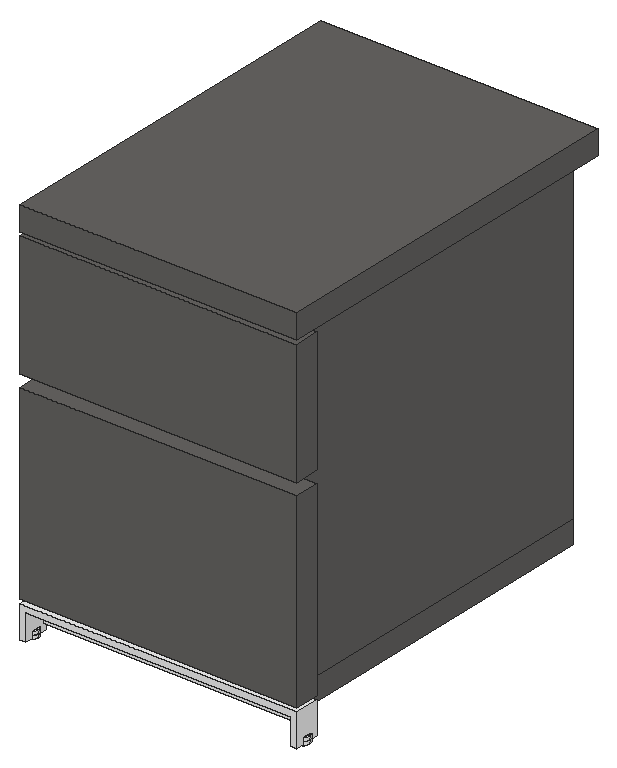
Revit family "Storage-Pedestal-Teknion-ZXFP-R2011", category Furniture Systems, Revit 2013
Parameters (values of type "24" x 18" x 25"")
  Width = 17.717"
  Warranty = "http://www.teknionstudio.com/pdfs/Teknion%20Studio%20Warranty.pdf"
  Unit Weight = 80.00 lbf
  Unit Finish [instance] = Veneer - Teknion - P7 - Grey Oak
  URL = "www.teknionstudio.com"
  Tabletop Cutout Offset = 0"
  Series = "B&B Italia"
  Product Page URL = "http://www.teknionstudio.com/acexecutive/"
  Product Line = "AC Executive"
  Product Documentation Link = "http://www.teknionstudio.com/pricing/ac_executive_ppg.pdf"
  Part Number = "ZXFP"
  Model = "ZXFP241825"
  Manufacturer Phone = "919-464-2920"
  Manufacturer Fax = "919-464-2927"
  Manufacturer Email = "customersupport@teknionstudio.com"
  Manufacturer Address = "3940 US 70 Business HWY West, Clayton, NC 27520"
  Manufacturer = "Teknion Studio"  # constant formula
  Low Emitting Material = yes
  Low Emitting Finish = yes
  Height = 24.96"
  Description = "Pedestal, 24\"d x 18\"w x 25\"h"
  Depth = 24"
  Assembly Code = "E2020200"
Reference planes (in)
  plane 1 "Center F/B": y = 0
  plane 2: z = 0
  plane 3 "Center L/R": x = 0
  plane 4 "Unit Left": x = -7.2835
  plane 5 "Unit Right": x = 7.2835
  plane 6 "Back": y = 12
  plane 7 "Front": y = -12
  plane 8 "Top": z = 24.96
  plane 9: z = 2.1289
  plane 10 "Foot Centerline": y = -11.2126
  plane 11 "Elevation": z = 12.77476
  plane 12: z = 23.42063
  plane 13 "Left": x = -8.8585
  plane 14 "Right": x = 8.8585
  plane 15: z = 24.96
Forms (in)
  Sweep 1, solid, material "Metal - Teknion - C6 - Chrome"
    path origin (0, -12, 0) x (1, 0, 0) y (0, 0, 1)
      loop
        line (8.8585, 0.05803) -> (8.8585, 2.1289) -> (-8.8585, 2.1289) -> (-8.8585, 0.05803)
    profile origin (0, -12, 2.1289) x (0, 0, -1) y (0, -1, 0)
      loop
        line (0, 0) -> (0, -1.5748) -> (0.394, -1.5748) -> (0.394, 0) -> (0, 0)
  Sweep 2, solid, material "Metal - Teknion - C6 - Chrome"
    path origin (0, -12, 0) x (1, 0, 0) y (0, 0, 1)
      loop
        line (-8.8585, 2.1289) -> (8.8585, 2.1289)
    profile origin (0, -12, 2.1289) x (0, 0, 1) y (0, -1, 0)
      loop
        line (-0.394, -1.5748) -> (-0.394, -1.3778) -> (-1.575, -1.3778) -> (-1.575, -1.5748) -> (-0.394, -1.5748)
  Revolve 3, solid, material "Metal - Teknion - C6 - Chrome"
    sketch origin (0, -11.2126, 0) x (0, 0, -1) y (1, 0, 0)
      loop
        line (-0.4911, 8.327) -> (-0.45173, 8.28763) -> (-0.28492, 8.28763) -> (-0.24555, 8.327) -> (-0.20618, 8.28763) -> (-0.03937, 8.28763) -> (0, 8.327) -> (0, 8.66165) -> (-0.4911, 8.66165) -> (-0.4911, 8.327)
      axis (0, 8.66165) -> (-0.4911, 8.66165)
    angle from 0 to 360
  Revolve 4, solid, material "Metal - Teknion - C6 - Chrome"
    sketch origin (0, -11.2126, 0) x (0, 0, -1) y (1, 0, 0)
      loop
        line (0, -8.9963) -> (0, -8.66165) -> (-0.4911, -8.66165) -> (-0.4911, -8.9963) -> (-0.45173, -9.03567) -> (-0.28492, -9.03567) -> (-0.24555, -8.9963) -> (-0.20618, -9.03567) -> (-0.03937, -9.03567) -> (0, -8.9963)
      axis (0, -8.66165) -> (-0.4911, -8.66165)
    angle from 0 to 360
  Sweep 5, solid, material "Veneer - Teknion - P7 - Grey Oak" <- "Unit Finish"
    path origin (0, 0, 15.40683) x (-1, 0, 0) y (0, -1, 0)
      loop
        line (0, -12) -> (0, 12)
    profile origin (0, 0, 15.40683) x (1, 0, 0) y (0, 0, 1)
      loop
        line (-8.8585, 9.55317) -> (-8.8585, 8.0138) -> (8.8585, 8.0138) -> (8.8585, 9.55317) -> (-8.8585, 9.55317)
  Sweep 6, solid, material "Veneer - Teknion - P7 - Grey Oak" <- "Unit Finish"
    path origin (0, -12, 0) x (1, 0, 0) y (0, 0, 1)
      loop
        line (-7.2835, 2.1289) -> (7.2835, 2.1289)
    profile origin (0, -12, 2.1289) x (0, 0, 1) y (0, -1, 0)
      loop
        line (0, -1.5748) -> (-1.53937, -1.5748) -> (-1.53937, -24) -> (0, -24) -> (0, -1.5748)
  Sweep 7, solid, material "Veneer - Teknion - P7 - Grey Oak" <- "Unit Finish"
    path origin (0, 0, 15.40683) x (-1, 0, 0) y (0, -1, 0)
      loop
        line (7.2835, 0) -> (-7.2835, 0)
    profile origin (0, 0, 15.40683) x (0, 1, 0) y (0, 0, 1)
      loop
        line (12, -13.27793) -> (12, 8.0138) -> (-10.32283, 8.0138) -> (-10.32283, -13.27793) -> (12, -13.27793)
  Sweep 8, solid, material "Veneer - Teknion - P7 - Grey Oak" <- "Unit Finish"
    path origin (0, -12, 0) x (1, 0, 0) y (0, 0, 1)
      loop
        line (-8.8585, 12.77476) -> (8.8585, 12.77476)
    profile origin (0, -12, 12.77476) x (0, 0, 1) y (0, -1, 0)
      loop
        line (10.39587, -1.6) -> (10.39587, 0) -> (2.49467, 0) -> (2.49467, -1.6) -> (10.39587, -1.6)
      loop
        line (1.70727, 0) -> (-10.39587, 0) -> (-10.39587, -1.6) -> (1.70727, -1.6) -> (1.70727, 0)
Cuts and joins
  joined: Sweep 1, Sweep 2, Revolve 3, Revolve 4
Lines and regions (in)
  Masking region 1
    outline origin (0, 0, 15.40683) x (-1, 0, 0) y (0, -1, 0)
      loop
        line (8.8585, -12) -> (8.8585, 12) -> (-8.8585, 12) -> (-8.8585, -12) -> (8.8585, -12)
Dimensions and locks (in)
  equal spacing: plane 6 "Back", plane 1 "Center F/B", plane 7 "Front"
  "Depth": plane 6 "Back" to plane 7 "Front"
  locked: plane 13 "Left" to plane 4 "Unit Left" at 1.575
  locked: plane 5 "Unit Right" to plane 14 "Right" at 1.575
  "Height": plane 8 "Top" to plane 2
  locked: Sweep 1 sketch curve to level at 0.05803  (x2)
  locked: plane 7 "Front" to Sweep 1 sketch curve at 1.5748
  locked: plane 9 to plane 2 at 2.1289
  locked: plane 9 to Sweep 1 sketch curve at 0.394
  plane 9 to Sweep 2 sketch curve to Sweep 2 sketch curve = 0.394" locked, 1.181" locked
  plane 7 "Front" to Sweep 2 sketch curve to Sweep 2 sketch curve = 1.3778" locked, 0.197" locked
  locked: plane 9 to Sweep 6 sketch curve at 1.53937
  locked: plane 7 "Front" to Sweep 6 sketch curve at 1.5748
  locked: plane 8 "Top" to Sweep 7 sketch curve at 1.53937
  locked: Sweep 7 sketch curve to plane 7 "Front" at 1.67717
  locked: plane 8 "Top" to plane 12 at 1.53937
  equal spacing: plane 12, plane 11 "Elevation", plane 9
  locked: Sweep 8 sketch curve to plane 12 at 0.25
  locked: Sweep 8 sketch curve to plane 7 "Front" at 1.6  (x2)
  locked: plane 9 to Sweep 8 sketch curve at 0.25
  equal spacing: plane 13 "Left", plane 3 "Center L/R", plane 14 "Right"
  "Width": plane 13 "Left" to plane 14 "Right"
  locked: plane 7 "Front" to plane 10 "Foot Centerline" at 0.7874
  locked: plane 4 "Unit Left" to Revolve 4 sketch curve at 1.37815
  locked: Revolve 4 sketch curve to Revolve 4 sketch curve at 0.37402
  Revolve 4 sketch curve to Revolve 4 sketch curve to Revolve 4 sketch curve to plane 2 = 0.07874" locked, 0.16681" locked, 0.03937" locked
  Revolve 4 sketch curve to Revolve 4 sketch curve to Revolve 4 sketch curve to Revolve 4 sketch curve = 0.03937" locked, 0.16681" locked, 0.03937" locked
  locked: Revolve 3 sketch curve to plane 5 "Unit Right" at 1.37815
  locked: Revolve 3 sketch curve to Revolve 3 sketch curve at 0.37402
  Revolve 3 sketch curve to Revolve 3 sketch curve to Revolve 3 sketch curve to Revolve 3 sketch curve to plane 2 = 0.03937" locked, 0.16681" locked, 0.07874" locked, 0.20618" locked
  "Tabletop Cutout Offset": plane 15 to plane 8 "Top"
  locked: Sweep 8 sketch curve to Sweep 8 sketch curve at 7.9012
  locked: Sweep 8 sketch curve to Sweep 8 sketch curve at 0.7874
  aligned and locked: level to plane 2
  aligned and locked: Sweep 1 sketch curve to plane 7 "Front"
  aligned and locked: plane 9 to Sweep 1 sketch curve
  aligned and locked: Sweep 1 sketch curve to plane 9
  aligned and locked: Sweep 2 sketch curve to plane 9
  aligned and locked: plane 6 "Back" to Sweep 5 sketch curve
  aligned and locked: plane 7 "Front" to Sweep 5 sketch curve
  aligned and locked: Sweep 5 sketch curve to plane 3 "Center L/R"
  aligned and locked: Sweep 5 sketch curve to plane 8 "Top"
  aligned and locked: Sweep 6 sketch curve to plane 9  (x2)
  aligned and locked: Sweep 6 sketch curve to plane 6 "Back"
  aligned and locked: plane 1 "Center F/B" to Sweep 7 sketch curve
  aligned and locked: plane 6 "Back" to Sweep 7 sketch curve
  aligned and locked: plane 9 to Sweep 7 sketch curve
  aligned and locked: Sweep 8 sketch curve to plane 11 "Elevation"
  aligned and locked: plane 7 "Front" to Sweep 8 sketch curve
  aligned and locked: Sweep 8 sketch curve to profile plane
  aligned and locked: plane 13 "Left" to Sweep 8 sketch curve
  aligned and locked: plane 14 "Right" to Sweep 8 sketch curve
  aligned and locked: plane 4 "Unit Left" to Sweep 7 sketch curve
  aligned and locked: plane 5 "Unit Right" to Sweep 7 sketch curve
  aligned and locked: plane 4 "Unit Left" to Sweep 6 sketch curve
  aligned and locked: plane 5 "Unit Right" to Sweep 6 sketch curve
  aligned and locked: Revolve 3 sketch curve to Revolve 3 sketch curve  (x2)
  aligned and locked: Revolve 3 sketch curve to plane 2
  aligned and locked: Revolve 4 sketch curve to Revolve 4 sketch curve  (x2)
  aligned and locked: Revolve 4 sketch curve to plane 2
  aligned and locked: plane 13 "Left" to Sweep 5 sketch curve
  aligned and locked: plane 14 "Right" to Sweep 5 sketch curve
  aligned and locked: plane 12 to Sweep 5 sketch curve
  aligned and locked: Sweep 1 sketch curve to plane 13 "Left"
  aligned and locked: plane 14 "Right" to Sweep 1 sketch curve
  aligned and locked: plane 13 "Left" to Sweep 2 sketch curve
  aligned and locked: plane 14 "Right" to Sweep 2 sketch curve
  aligned and locked: Masking region 1 sketch curve to plane 6 "Back"
  aligned and locked: Masking region 1 sketch curve to plane 7 "Front"
  aligned and locked: plane 13 "Left" to Masking region 1 sketch curve
  aligned and locked: plane 14 "Right" to Masking region 1 sketch curve
Automatic sketch dimensions
  Revolve 3 sketch curve to Revolve 3 sketch curve = 0.15736"
  Revolve 3 sketch curve to Revolve 3 sketch curve = 0.03937"  (x3)
  level to Revolve 3 sketch curve = 0.03937"
  Revolve 3 sketch curve to level = 0.10154"
  Revolve 4 sketch curve to Revolve 4 sketch curve = 0.2589"
  Revolve 4 sketch curve to level = 0.42419"
  Revolve 4 sketch curve to Revolve 4 sketch curve = 0.03937"  (x2)
